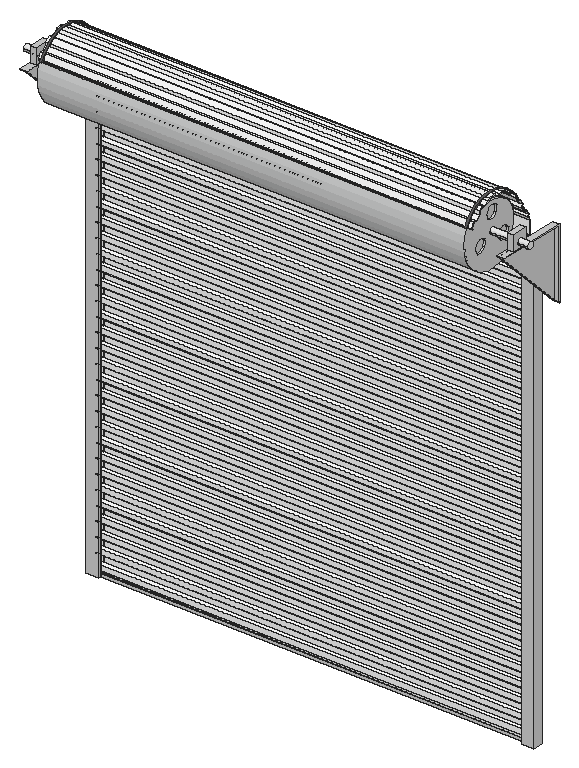
Revit family "ProStar-Rolling-Steel-Sheet-Doors_OHD_Model-780CD-REV-A_compact", category Specialty Equipment, host Wall, Revit 2023 (continued)
Definition of nested family "Operator"
  Forms (in)
    Extrusion 12, void
      sketch origin (10.25478, 8.722, -21.287) x (1, 0, 0) y (0, 0, 1)
        loop
          line (1.483, -0.25) -> (-1.483, -0.25)
          arc (-1.483, -0.25) -> (-1.65978, -0.32322) -> (-1.733, -0.5) r 0.25
          line (-1.733, -0.5) -> (-1.733, -5.2)
          arc (-1.733, -5.2) -> (-1.65978, -5.37678) -> (-1.483, -5.45) r 0.25
          line (-1.483, -5.45) -> (-1.436, -5.45)
          arc (-1.436, -5.45) -> (-1.3643, -5.47261) -> (-1.31854, -5.53225) r 0.125
          line (-1.31854, -5.53225) -> (-0.88341, -6.72775)
          arc (-0.88341, -6.72775) -> (-0.83765, -6.78739) -> (-0.76595, -6.81) r 0.125
          line (-0.76595, -6.81) -> (0.76595, -6.81)
          arc (0.76595, -6.81) -> (0.83765, -6.78739) -> (0.88341, -6.72775) r 0.125
          line (0.88341, -6.72775) -> (1.31854, -5.53225)
          arc (1.31854, -5.53225) -> (1.3643, -5.47261) -> (1.436, -5.45) r 0.125
          line (1.436, -5.45) -> (1.483, -5.45)
          arc (1.483, -5.45) -> (1.65978, -5.37678) -> (1.733, -5.2) r 0.25
          line (1.733, -5.2) -> (1.733, -0.5)
          arc (1.733, -0.5) -> (1.65978, -0.32322) -> (1.483, -0.25) r 0.25
      from 5.30399 to 6.38271
    Extrusion 13, solid, material <- "Main Color", visible <- "Electric Operator RLD"
      sketch origin (10.25478, 8.722, -21.287) x (1, 0, 0) y (0, 0, 1)
        loop
          arc (-1.483, -0.35) -> (-1.58907, -0.39393) -> (-1.633, -0.5) r 0.15
          line (-1.633, -0.5) -> (-1.633, -5.1)
          arc (-1.633, -5.1) -> (-1.58907, -5.20607) -> (-1.483, -5.25) r 0.15
          line (-1.483, -5.25) -> (1.483, -5.25)
          arc (1.483, -5.25) -> (1.58907, -5.20607) -> (1.633, -5.1) r 0.15
          line (1.633, -5.1) -> (1.633, -0.5)
          arc (1.633, -0.5) -> (1.58907, -0.39393) -> (1.483, -0.35) r 0.15
          line (1.483, -0.35) -> (-1.483, -0.35)
      from 5.30399 to 6.46979
    Revolve 14, solid, material <- "Main Color", visible <- "Electric Operator RLD"
      sketch origin (10.25478, 8.722, -21.287) x (1, 0, 0) y (0, 0, 1)
        loop
          line (-2.7335, 0) -> (-2.7335, 1.1) -> (-4.3055, 1.1) -> (-4.3055, 0.5) -> (-5.9165, 0.5) -> (-5.9165, 0) -> (-2.7335, 0)
        loop
          line (2.7335, 0.624) -> (2.7335, 0) -> (3.4305, 0) -> (3.4305, 0.624) -> (2.7335, 0.624)
        axis (-5.9165, 0) -> (3.4305, 0)
      angle from 0 to 360
    Extrusion 15, solid, material <- "Main Color", visible <- "Electric Operator RLD"
      sketch origin (10.25478, 8.722, -21.287) x (1, 0, 0) y (0, 1, 0)
        loop
          line (4.5845, 1.967) -> (4.5845, 2.77)
          arc (4.5845, 2.77) -> (4.51128, 2.94678) -> (4.3345, 3.02) r 0.25
          line (4.3345, 3.02) -> (2.9835, 3.02)
          arc (2.9835, 3.02) -> (2.80672, 2.94678) -> (2.7335, 2.77) r 0.25
          line (2.7335, 2.77) -> (2.7335, 1.1) -> (2.8085, 1.1) -> (2.8085, 2.77)
          arc (2.8085, 2.77) -> (2.85976, 2.89374) -> (2.9835, 2.945) r 0.175
          line (2.9835, 2.945) -> (4.3345, 2.945)
          arc (4.3345, 2.945) -> (4.45824, 2.89374) -> (4.5095, 2.77) r 0.175
          line (4.5095, 2.77) -> (4.5095, 1.967) -> (4.5845, 1.967)
        loop
          line (-4.5845, 1.967) -> (-4.5095, 1.967) -> (-4.5095, 2.77)
          arc (-4.5095, 2.77) -> (-4.45824, 2.89374) -> (-4.3345, 2.945) r 0.175
          line (-4.3345, 2.945) -> (-2.9835, 2.945)
          arc (-2.9835, 2.945) -> (-2.85976, 2.89374) -> (-2.8085, 2.77) r 0.175
          line (-2.8085, 2.77) -> (-2.8085, 1.1) -> (-2.7335, 1.1) -> (-2.7335, 2.77)
          arc (-2.7335, 2.77) -> (-2.80672, 2.94678) -> (-2.9835, 3.02) r 0.25
          line (-2.9835, 3.02) -> (-4.3345, 3.02)
          arc (-4.3345, 3.02) -> (-4.51128, 2.94678) -> (-4.5845, 2.77) r 0.25
          line (-4.5845, 2.77) -> (-4.5845, 1.967)
      from -9.168 to 1.9316
    Extrusion 16, void
      sketch origin (14.83928, 10.689, -21.287) x (0, 1, 0) y (0, 0, 1)
        loop
          line (1.053, 0.1746) -> (0.753, 0.1746) -> (0, -0.5784) -> (0, -6.658) -> (0.753, -7.411) -> (1.053, -7.411) -> (1.053, 0.1746)
        loop
          line (-0.867, 1.9316) -> (-0.867, -9.8661) -> (1.54655, -9.8661) -> (1.54655, 1.9316) -> (-0.867, 1.9316)
      from 0 to -0.25
    Extrusion 17, void
      sketch origin (5.67028, -9.00507, -22.287) x (0, -1, 0) y (0, 0, -1)
        loop
          line (-20.74707, -1.1746) -> (-20.44707, -1.1746) -> (-19.69407, -0.4216) -> (-19.69407, 5.658) -> (-20.44707, 6.411) -> (-20.74707, 6.411) -> (-20.74707, -1.1746)
        loop
          line (-18.82707, -2.9316) -> (-18.82707, 8.8661) -> (-21.24062, 8.8661) -> (-21.24062, -2.9316) -> (-18.82707, -2.9316)
      from 0 to 0.25
  Cuts and joins
    joined: Extrusion 3, Extrusion 6
    Extrusion 9, SweptBlend 10, SweptBlend 11, Extrusion 12 cuts Extrusion 8
    SweptBlend 11 cuts Extrusion 13
    Extrusion 16, Extrusion 17 cuts Extrusion 15
  Lines and regions (in)
    Masking region 1, visible <- "Chain Hoist"
      outline origin (0, 0, 0) x (1, 0, 0) y (0, 1, 0)
        loop
          line (4.25, 4.325) -> (4.25, -4.325) -> (5.75, -4.325) -> (5.75, 4.325) -> (4.25, 4.325)
    Masking region 2, visible <- "Electrical Operator RMZ"
      outline origin (10.5, 11.742, -24) x (1, 0, 0) y (0, 1, 0)
        loop
          line (4.3125, -7.27045) -> (2.48828, -7.27045) -> (2.48828, -0.12) -> (4.5, -0.12) -> (4.5, 0) -> (-3, 0) -> (-3, -0.12) -> (-2.48828, -0.12) -> (-2.48828, -7.27045) -> (-3, -7.27045) -> (-3, -10.70282)
          arc (-3, -10.70282) -> (0.61574, -10.86777) -> (4.21974, -10.53323) r 26.22103
          arc (4.21974, -10.53323) -> (4.44116, -10.40823) -> (4.5289, -10.16958) r 0.36846
          line (4.5289, -10.16958) -> (4.5289, -9.91303) -> (4.3125, -9.91303) -> (4.3125, -7.27045)
    Masking region 3, visible <- "Electrical Operator RMZ"
      outline origin (10.5, 11.742, -24) x (1, 0, 0) y (0, 1, 0)
        loop
          line (-8, -3.25) -> (-8, -4.25) -> (-4.5, -4.25) -> (-4.5, -3.25) -> (-8, -3.25)
        loop
          line (8, -3.25) -> (2.48828, -3.25) -> (2.48828, -4.25) -> (8, -4.25) -> (8, -3.25)
        loop
          line (-3, -3.25) -> (-3, -4.25) -> (-2.48828, -4.25) -> (-2.48828, -3.25) -> (-3, -3.25)
    Masking region 4, visible <- "Electric Operator RLD"
      outline origin (10.25478, 8.722, -21.287) x (1, 0, 0) y (0, 1, 0)
        loop
          line (-4.3055, -0.5) -> (-4.3055, -1.1) -> (-4.25478, -1.1) -> (-4.25478, 1.10009) -> (-4.3055, 1.10009) -> (-4.3055, 0.5) -> (-5.9165, 0.5) -> (-5.9165, -0.5) -> (-4.3055, -0.5)
        loop
          line (-4.5095, 1.967) -> (-4.5095, 2.77)
          arc (-4.5095, 2.77) -> (-4.45824, 2.89374) -> (-4.3345, 2.945) r 0.175
          line (-4.3345, 2.945) -> (-4.25478, 2.945) -> (-4.25478, 3.02) -> (-4.3345, 3.02)
          arc (-4.3345, 3.02) -> (-4.51128, 2.94678) -> (-4.5845, 2.77) r 0.25
          line (-4.5845, 2.77) -> (-4.5845, 1.967) -> (-4.5095, 1.967)
        loop
          spline (-2.75478, -5.7571) -> (-2.68756, -5.78061) -> (-2.6201, -5.80354) -> (-2.55241, -5.82587) -> (-2.48449, -5.84762) -> (-2.41637, -5.86877) -> (-2.34804, -5.88932) -> (-2.27952, -5.90927) -> (-2.21081, -5.92862) -> (-2.14194, -5.94737) -> (-2.07289, -5.9655) -> (-2.00369, -5.98302) -> (-1.93435, -5.99993)
          spline (-1.93435, -5.99993) -> (-1.86766, -6.01559) -> (-1.80084, -6.0307) -> (-1.7339, -6.04526) -> (-1.66684, -6.05927) -> (-1.59967, -6.07273) -> (-1.53239, -6.08563) -> (-1.465, -6.09798) -> (-1.39752, -6.10977) -> (-1.32994, -6.121) -> (-1.26228, -6.13168) -> (-1.19452, -6.14181) -> (-1.12669, -6.15137)
          spline (-1.12669, -6.15137) -> (-1.11508, -6.14657) -> (-1.10347, -6.14176) -> (-1.09186, -6.13694) -> (-1.08026, -6.13211) -> (-1.06865, -6.12727) -> (-1.05705, -6.12242) -> (-1.04544, -6.11756) -> (-1.03384, -6.11269) -> (-1.02223, -6.10782) -> (-1.01063, -6.10293) -> (-0.99903, -6.09804) -> (-0.98742, -6.09313)
          arc (-0.98742, -6.09313) -> (0.00011, -6.14753) -> (0.98765, -6.09311) r 8.98829
          spline (0.98765, -6.09311) -> (0.99923, -6.098) -> (1.01081, -6.10289) -> (1.0224, -6.10777) -> (1.03398, -6.11263) -> (1.04557, -6.11749) -> (1.05715, -6.12234) -> (1.06873, -6.12718) -> (1.08032, -6.13201) -> (1.09191, -6.13683) -> (1.10349, -6.14165) -> (1.11508, -6.14645) -> (1.12667, -6.15124)
          spline (1.12667, -6.15124) -> (1.26316, -6.13142) -> (1.39931, -6.10933) -> (1.53507, -6.08499) -> (1.67041, -6.0584) -> (1.80529, -6.02958) -> (1.93968, -5.99852) -> (2.07353, -5.96524) -> (2.20681, -5.92975) -> (2.33948, -5.89205) -> (2.47151, -5.85215) -> (2.60286, -5.81008) -> (2.7335, -5.76583)
          line (2.7335, -5.76583) -> (2.7335, -0.624) -> (3.4305, -0.624) -> (3.4305, 0.624) -> (2.7335, 0.624) -> (2.7335, 1.1) -> (2.8085, 1.1) -> (2.8085, 2.77)
          arc (2.8085, 2.77) -> (2.85976, 2.89374) -> (2.9835, 2.945) r 0.175
          line (2.9835, 2.945) -> (4.3345, 2.945)
          arc (4.3345, 2.945) -> (4.45824, 2.89374) -> (4.5095, 2.77) r 0.175
          line (4.5095, 2.77) -> (4.5095, 1.967) -> (4.5845, 1.967) -> (4.5845, 2.77)
          arc (4.5845, 2.77) -> (4.51128, 2.94678) -> (4.3345, 3.02) r 0.25
          line (4.3345, 3.02) -> (2.9835, 3.02)
          arc (2.9835, 3.02) -> (2.80672, 2.94678) -> (2.7335, 2.77) r 0.25
          line (2.7335, 2.77) -> (2.7335, 2.57) -> (-2.75478, 2.57) -> (-2.75478, -5.7571)
    reference lines
      curve 1: line (10.5, 11.742, 0) -> (10.5, 11.742, 10)
      curve 2: line (10.5, 11.742, -24) -> (23.5, 11.742, -24)
      curve 6: line (10.25478, 8.722, -21.287) -> (22.25478, 8.722, -21.287)
    symbolic lines, visible <- "Electrical Operator RMZ"
      curve 3: line (8.01172, 11.742, -24) -> (8.01172, 4.47155, -24)
      curve 4: line (12.98828, 4.47155, -24) -> (12.98828, 11.742, -24)
      curve 5: line (8.01172, 4.47155, -24) -> (12.98828, 4.47155, -24)
    symbolic lines, visible <- "Electric Operator RLD"
      curve 7: line (5.94928, 9.82209, -21.287) -> (5.94928, 7.622, -21.287)
      curve 8: line (12.98828, 11.292, -21.287) -> (12.98828, 2.95617, -21.287)
      curve 9: line (8.62178, 3.12274, -21.287) -> (8.62178, 2.73627, -21.287)
      curve 10: spline (8.77157, 3.12221, -21.287) -> (8.75206, 3.12383, -21.287) -> (8.73287, 3.12519, -21.287) -> (8.71433, 3.1263, -21.287) -> (8.69676, 3.12711, -21.287) -> (8.68046, 3.12762, -21.287) -> (8.66572, 3.12783, -21.287) -> (8.65279, 3.12772, -21.287) -> (8.64189, 3.1273, -21.287) -> (8.63321, 3.12658, -21.287) -> (8.6269, 3.12557, -21.287) -> (8.62307, 3.12428, -21.287) -> (8.62178, 3.12274, -21.287)
      curve 11: arc (11.7399, 3.12237, -21.287) -> (10.25574, 3.06073, -21.287) -> (8.77157, 3.12221, -21.287) r 17.92155
      curve 12: spline (8.62178, 2.73627, -21.287) -> (8.62377, 2.73419, -21.287) -> (8.62821, 2.73172, -21.287) -> (8.63504, 2.72892, -21.287) -> (8.64413, 2.72582, -21.287) -> (8.65535, 2.72249, -21.287) -> (8.6685, 2.71896, -21.287) -> (8.68338, 2.71531, -21.287) -> (8.69974, 2.71159, -21.287) -> (8.7173, 2.70786, -21.287) -> (8.73579, 2.70418, -21.287) -> (8.7549, 2.70062, -21.287) -> (8.77431, 2.69723, -21.287)
      curve 13: arc (8.77431, 2.69723, -21.287) -> (10.25556, 2.57447, -21.287) -> (11.7368, 2.69749, -21.287) r 8.98829
      curve 14: spline (11.7368, 2.69749, -21.287) -> (11.75606, 2.70093, -21.287) -> (11.77501, 2.70453, -21.287) -> (11.79332, 2.70823, -21.287) -> (11.81071, 2.71197, -21.287) -> (11.82689, 2.71568, -21.287) -> (11.8416, 2.71931, -21.287) -> (11.8546, 2.7228, -21.287) -> (11.86569, 2.7261, -21.287) -> (11.87468, 2.72914, -21.287) -> (11.88142, 2.73188, -21.287) -> (11.88581, 2.73428, -21.287) -> (11.88778, 2.73629, -21.287)
      curve 15: line (11.88778, 2.73629, -21.287) -> (11.88778, 3.12275, -21.287)
      curve 16: spline (11.88778, 3.12275, -21.287) -> (11.88652, 3.1242, -21.287) -> (11.88275, 3.12542, -21.287) -> (11.87654, 3.12638, -21.287) -> (11.868, 3.12707, -21.287) -> (11.85726, 3.12747, -21.287) -> (11.84452, 3.12758, -21.287) -> (11.82999, 3.1274, -21.287) -> (11.81391, 3.12693, -21.287) -> (11.79656, 3.12618, -21.287) -> (11.77823, 3.12515, -21.287) -> (11.75924, 3.12388, -21.287) -> (11.7399, 3.12237, -21.287)
      curve 17: arc (7.52128, 3.40999, -21.287) -> (10.25478, 3.312, -21.287) -> (12.98828, 3.40999, -21.287) r 38.174
  Dimensions and locks (in)
    Extrusion 1 sketch curve to Extrusion 1 sketch curve = 8.65"
    plane 3 "Center (Left/Right)" to plane 4 = 3 1/4"
    "Floor To CL": level to plane 6
    locked: plane 7 to plane 6 at 30
    "Chain Offset": level to Sweep 2 sketch curve  (x2)
    locked: plane 1 "Center (Front/Back)" to plane 8 at 11.742
    locked: curve 1 to curve 1 at 10
    locked: curve 2 to curve 2 at 13
    locked: level to curve 2 at 24
    "C H Offset": plane 1 "Center (Front/Back)" to Extrusion 7 sketch curve
    "C V Offset": level to Extrusion 7 sketch curve
    locked: curve 6 to curve 6 at 12
    locked: Extrusion 8 sketch curve to Extrusion 8 sketch curve at 14.55
    locked: Extrusion 8 sketch curve to curve 6 at 2.182
    locked: Extrusion 8 sketch curve to Extrusion 8 sketch curve at 5.467
    Extrusion 8 sketch curve to Extrusion 8 sketch curve = 5.467"
    locked: SweptBlend 11 sketch curve to curve 6 at 6.24
    locked: SweptBlend 10 sketch curve to curve 6 at 6.24
    locked: plane 9 to SweptBlend 10 sketch curve at 5.998
    locked: SweptBlend 10 sketch curve to SweptBlend 10 sketch curve at 6.37
    locked: SweptBlend 11 sketch curve to plane 9 at 2.182
    locked: SweptBlend 11 sketch curve to SweptBlend 11 sketch curve at 8.36382
    locked: level to plane 9 at 21.287
    locked: plane 8 to curve 6 at 3.02
    locked: Extrusion 15 sketch curve to Extrusion 15 sketch curve at 0.075  (x6)
    locked: Extrusion 15 sketch curve to Extrusion 15 sketch curve at 1.053  (x2)
    locked: Extrusion 15 sketch curve to Extrusion 15 sketch curve at 1.92  (x2)
    locked: Extrusion 3 sketch curve to Extrusion 3 sketch curve at 19.875
    locked: curve 2 to Extrusion 3 sketch curve at 3.875
    radius of Extrusion 8 sketch curve = 0.296"  (x4)
    radius of Extrusion 9 sketch curve = 1/4"  (x2)
    radius of Extrusion 9 sketch curve = 0.21"  (x2)
    radius of Extrusion 12 sketch curve = 1/4"  (x4)
    radius of Extrusion 12 sketch curve = 1/8"  (x4)
    radius of Extrusion 15 sketch curve = 1/4"  (x4)
    radius of Extrusion 15 sketch curve = 0.175"  (x4)
    aligned and locked: plane 2 to level
    aligned and locked: Extrusion 1 to plane 5 "1"
    aligned and locked: plane 7 to Sweep 2 sketch curve  (x2)
    aligned and locked: Masking region 1 sketch curve to Extrusion 1  (x4)
    aligned and locked: level to curve 1
    aligned and locked: Extrusion 7 to plane 3 "Center (Left/Right)"
    aligned and locked: Revolve 14 sketch curve to curve 6
    aligned and locked: Revolve 14 sketch curve to Revolve 14 sketch curve
  Automatic sketch dimensions
    plane 1 "Center (Front/Back)" to Extrusion 1 sketch curve = 4.325"
    plane 1 "Center (Front/Back)" to Extrusion 1 sketch curve = 1 1/2"
    Extrusion 1 sketch curve to plane 1 "Center (Front/Back)" = 1 1/2"
    Extrusion 1 sketch curve to level = 10.72"
    Extrusion 1 sketch curve to Extrusion 1 sketch curve = 1.50208"  (x2)
    level to Extrusion 1 sketch curve = 1.68"
    profile plane to Sweep 2 sketch curve = 0"
    plane 5 "1" to Sweep 2 sketch curve = 3/4"
    plane 5 "1" to curve 1 = 6 1/4"
    curve 1 to Extrusion 3 sketch curve = 2 125/256"
    Extrusion 3 sketch curve to curve 1 = 2 125/256"
    curve 2 to curve 1 = 0"
    Extrusion 4 sketch curve to curve 2 = 0"
    curve 2 to Extrusion 4 sketch curve = 0"
    Extrusion 4 sketch curve to curve 2 = 4 1/2"
    Extrusion 4 sketch curve to Extrusion 4 sketch curve = 2 3/256"  (x2)
    curve 2 to Extrusion 4 sketch curve = 2 125/256"
    curve 2 to Extrusion 4 sketch curve = 0.12"  (x2)
    Extrusion 5 sketch curve to curve 2 = 0"
    curve 2 to Extrusion 5 sketch curve = 15.34603"
    Extrusion 5 sketch curve to curve 2 = 4.16044"
    Extrusion 5 sketch curve to Extrusion 5 sketch curve = 0.15206"  (x2)
    Extrusion 5 sketch curve to Extrusion 5 sketch curve = 0.2164"  (x2)
    curve 2 to Extrusion 5 sketch curve = 4.16044"
    Extrusion 5 sketch curve to curve 2 = 7.27045"
    Extrusion 5 sketch curve to Extrusion 5 sketch curve = 2.64258"  (x2)
    Extrusion 5 sketch curve to Extrusion 5 sketch curve = 0.25654"  (x2)
    Extrusion 5 sketch curve to Extrusion 5 sketch curve = 0"
    Masking region 2 sketch curve to curve 2 = 0"  (x2)
    curve 2 to Masking region 2 sketch curve = 15.34603"
    curve 2 to Masking region 2 sketch curve = 0.12"  (x2)
    Masking region 2 sketch curve to curve 2 = 2 125/256"
    Masking region 2 sketch curve to Masking region 2 sketch curve = 131/256"  (x2)
    curve 2 to Masking region 2 sketch curve = 2 125/256"
    Masking region 2 sketch curve to Masking region 2 sketch curve = 1.67216"
    Masking region 2 sketch curve to Masking region 2 sketch curve = 0.15206"
    Masking region 2 sketch curve to Masking region 2 sketch curve = 2 3/256"
    Masking region 2 sketch curve to Masking region 2 sketch curve = 0.2164"
    Masking region 2 sketch curve to curve 2 = 7.27045"  (x2)
    Masking region 2 sketch curve to Masking region 2 sketch curve = 2.64258"
    Masking region 2 sketch curve to Masking region 2 sketch curve = 0.25654"
    Masking region 2 sketch curve to curve 2 = 10.70282"
    curve 3 to curve 2 = 0"
    curve 2 to curve 4 = 0"
    curve 3 to curve 2 = 2 125/256"
    curve 2 to curve 5 = 2 125/256"
    curve 5 to curve 2 = 7.27045"
    Masking region 3 sketch curve to curve 2 = 8"
    Masking region 3 sketch curve to Masking region 3 sketch curve = 3 1/2"
    Masking region 3 sketch curve to Masking region 3 sketch curve = 1 1/2"
    Masking region 3 sketch curve to Masking region 3 sketch curve = 131/256"
    curve 2 to Masking region 3 sketch curve = 2 125/256"
    Masking region 3 sketch curve to curve 2 = 5"
    Masking region 3 sketch curve to curve 2 = 4 1/4"  (x2)
    curve 2 to Masking region 3 sketch curve = 4 1/4"
    Masking region 3 sketch curve to Masking region 3 sketch curve = 1"  (x3)
    Extrusion 8 sketch curve to curve 6 = 2.7335"
    Extrusion 9 sketch curve to curve 6 = 2.7335"
    Extrusion 9 sketch curve to Extrusion 9 sketch curve = 0.1335"  (x2)
    curve 6 to Extrusion 9 sketch curve = 0.145"
    curve 6 to Extrusion 9 sketch curve = 2.14"
    Extrusion 9 sketch curve to Extrusion 9 sketch curve = 0.5935"
    Extrusion 9 sketch curve to Extrusion 9 sketch curve = 1.19"  (x2)
    Extrusion 9 sketch curve to Extrusion 9 sketch curve = 2.465"
    SweptBlend 10 sketch curve to profile plane = 14.7335"  (x2)
    SweptBlend 10 sketch curve to SweptBlend 10 sketch curve = 2.46374"  (x2)
    SweptBlend 10 sketch curve to SweptBlend 10 sketch curve = 0.26976"  (x4)
    profile plane to SweptBlend 10 sketch curve = 2.007"
    SweptBlend 10 sketch curve to SweptBlend 10 sketch curve = 5.467"  (x2)
    SweptBlend 10 sketch curve to profile plane = 1.743"  (x2)
    SweptBlend 10 sketch curve to SweptBlend 10 sketch curve = 7.83"
    SweptBlend 10 sketch curve to SweptBlend 10 sketch curve = 0.37887"  (x2)
    SweptBlend 10 sketch curve to profile plane = 1.25556"
    profile plane to SweptBlend 10 sketch curve = 3.24"
    SweptBlend 10 sketch curve to profile plane = 0.46716"  (x2)
    SweptBlend 10 sketch curve to SweptBlend 10 sketch curve = 7.87284"
    SweptBlend 10 sketch curve to SweptBlend 10 sketch curve = 0.33603"  (x2)
    SweptBlend 10 sketch curve to SweptBlend 10 sketch curve = 0.33034"
    SweptBlend 11 sketch curve to profile plane = 12"
    profile plane to SweptBlend 11 sketch curve = 39.004"
    profile plane to SweptBlend 11 sketch curve = 0.92799"  (x2)
    SweptBlend 11 sketch curve to profile plane = 0.32201"
    SweptBlend 11 sketch curve to profile plane = 14.7335"  (x2)
    profile plane to SweptBlend 11 sketch curve = 8.23084"
    profile plane to SweptBlend 11 sketch curve = 0.46716"  (x2)
    SweptBlend 11 sketch curve to profile plane = 0.78284"
    SweptBlend 11 sketch curve to SweptBlend 11 sketch curve = 2.7335"
    Extrusion 12 sketch curve to curve 6 = 1.733"
    Extrusion 12 sketch curve to Extrusion 12 sketch curve = 0.047"
    Extrusion 12 sketch curve to Extrusion 12 sketch curve = 0.11746"  (x2)
    Extrusion 12 sketch curve to curve 6 = 0.88341"
    curve 6 to Extrusion 12 sketch curve = 0.76595"
    Extrusion 12 sketch curve to Extrusion 12 sketch curve = 0.43513"
    curve 6 to Extrusion 12 sketch curve = 1/2"
    curve 6 to Extrusion 12 sketch curve = 1.483"
    Extrusion 12 sketch curve to curve 6 = 5.2"
    Extrusion 12 sketch curve to Extrusion 12 sketch curve = 0"
    curve 6 to Extrusion 13 sketch curve = 1/2"  (x2)
    Extrusion 13 sketch curve to curve 6 = 1.633"
    Extrusion 13 sketch curve to Extrusion 13 sketch curve = 0.15"  (x2)
    curve 6 to Extrusion 13 sketch curve = 1.483"  (x2)
    Extrusion 13 sketch curve to curve 6 = 5.1"
    Revolve 14 sketch curve to curve 6 = 0"  (x2)
    Revolve 14 sketch curve to curve 6 = 0.624"
    curve 6 to Revolve 14 sketch curve = 3.4305"
    Revolve 14 sketch curve to Revolve 14 sketch curve = 0.697"
    Revolve 14 sketch curve to curve 6 = 2.7335"
    Revolve 14 sketch curve to Revolve 14 sketch curve = 1.572"
    Revolve 14 sketch curve to Revolve 14 sketch curve = 1.611"
    Revolve 14 sketch curve to curve 6 = 1/2"
    Revolve 14 sketch curve to Revolve 14 sketch curve = 0.6"
    Revolve 14 sketch curve to Revolve 14 sketch curve = 1.5835"
    plane 5 "1" to curve 6 = 6.00478"
    Extrusion 15 sketch curve to Extrusion 15 sketch curve = 0"  (x8)
    Extrusion 15 sketch curve to curve 6 = 4.5845"
    Extrusion 15 sketch curve to Extrusion 15 sketch curve = 1.351"  (x2)
    Extrusion 15 sketch curve to curve 6 = 1.1"  (x2)
    curve 6 to Extrusion 15 sketch curve = 2.7335"
    Extrusion 16 sketch curve to Extrusion 15 = 0"  (x2)
    Extrusion 16 sketch curve to Extrusion 15 = 0.867"
    Extrusion 15 to Extrusion 16 sketch curve = 0.05"  (x2)
    Extrusion 16 sketch curve to Extrusion 15 = 1/4"
    Extrusion 16 sketch curve to Extrusion 15 = 0.74355"
    Extrusion 15 to Extrusion 16 sketch curve = 1.757"
    Extrusion 16 sketch curve to Extrusion 16 sketch curve = 0.753"  (x2)
    Extrusion 15 to Extrusion 16 sketch curve = 2.51"
    Extrusion 16 sketch curve to Extrusion 15 = 0.6981"
    Extrusion 15 to Extrusion 17 sketch curve = 0"
    Extrusion 17 sketch curve to Extrusion 15 = 0"
    Extrusion 15 to Extrusion 17 sketch curve = 0.867"
    Extrusion 17 sketch curve to Extrusion 15 = 0.05"  (x2)
    Extrusion 15 to Extrusion 17 sketch curve = 1/4"
    Extrusion 15 to Extrusion 17 sketch curve = 0.74355"
    Extrusion 15 to Extrusion 17 sketch curve = 1.757"
    Extrusion 17 sketch curve to Extrusion 17 sketch curve = 0.753"  (x2)
    Extrusion 15 to Extrusion 17 sketch curve = 2.51"
    Extrusion 17 sketch curve to Extrusion 15 = 0.6981"
    Extrusion 6 sketch curve to plane 8 = 3 3/4"
    Extrusion 6 sketch curve to plane 9 = 2.718"
    Masking region 4 sketch curve to Masking region 4 sketch curve = 0"  (x9)
    Masking region 4 sketch curve to curve 6 = 0"
    curve 6 to Masking region 4 sketch curve = 2.84076"
    Masking region 4 sketch curve to curve 6 = 2.75478"
    curve 6 to Masking region 4 sketch curve = 1/2"
    Masking region 4 sketch curve to Masking region 4 sketch curve = 1.55072"
    Masking region 4 sketch curve to Masking region 4 sketch curve = 1 1/2"
    Masking region 4 sketch curve to Masking region 4 sketch curve = 0.05072"  (x2)
    Masking region 4 sketch curve to Masking region 4 sketch curve = 0.07972"
    Masking region 4 sketch curve to Masking region 4 sketch curve = 0.175"  (x3)
    Masking region 4 sketch curve to Masking region 4 sketch curve = 0.075"  (x3)
    Masking region 4 sketch curve to curve 6 = 1/2"
    Masking region 4 sketch curve to Masking region 4 sketch curve = 1.611"
    curve 6 to Masking region 4 sketch curve = 2.7335"
    Masking region 4 sketch curve to Masking region 4 sketch curve = 0.697"
    Masking region 4 sketch curve to Masking region 4 sketch curve = 1.351"
    curve 6 to Masking region 4 sketch curve = 0.624"
    Masking region 4 sketch curve to curve 6 = 5.7571"
    Masking region 4 sketch curve to Masking region 4 sketch curve = 5.14183"
    Masking region 4 sketch curve to curve 6 = 0.624"
    Masking region 4 sketch curve to Masking region 4 sketch curve = 0.476"
    Masking region 4 sketch curve to Masking region 4 sketch curve = 0.60009"
    Masking region 4 sketch curve to Masking region 4 sketch curve = 0.86691"
    Masking region 4 sketch curve to Masking region 4 sketch curve = 1.343"
    Masking region 4 sketch curve to Masking region 4 sketch curve = 0.603"
    Masking region 4 sketch curve to Masking region 4 sketch curve = 0.803"
    Masking region 4 sketch curve to Masking region 4 sketch curve = 0.2"
    Masking region 4 sketch curve to curve 6 = 0.00107"
    Masking region 4 sketch curve to curve 6 = 0.95087"
    Masking region 4 sketch curve to curve 6 = 0.98742"
    Masking region 4 sketch curve to Masking region 4 sketch curve = 0.13926"
    Masking region 4 sketch curve to Masking region 4 sketch curve = 0.80766"
    Masking region 4 sketch curve to curve 6 = 0.0014"
    Masking region 4 sketch curve to Masking region 4 sketch curve = 0.90539"
    Masking region 4 sketch curve to curve 6 = 7.10094"
    Masking region 4 sketch curve to Masking region 4 sketch curve = 1.49709"
    curve 6 to Masking region 4 sketch curve = 0.00104"
    curve 6 to Masking region 4 sketch curve = 0.98765"
    Masking region 4 sketch curve to Masking region 4 sketch curve = 0.13902"
    Masking region 4 sketch curve to curve 6 = 4.89907"
    Masking region 4 sketch curve to curve 6 = 2.16329"
    Masking region 4 sketch curve to Masking region 4 sketch curve = 3.73425"
    Masking region 4 sketch curve to Masking region 4 sketch curve = 0.05814"
    Masking region 4 sketch curve to Masking region 4 sketch curve = 0.05824"
    Masking region 4 sketch curve to Masking region 4 sketch curve = 1.61386"
    Masking region 4 sketch curve to Masking region 4 sketch curve = 1.62272"
    Masking region 4 sketch curve to Masking region 4 sketch curve = 0.6"
    curve 11 to curve 6 = 0"
    curve 13 to curve 6 = 0"
    curve 17 to curve 6 = 0"
    curve 6 to curve 13 = 2.84076"
    curve 6 to curve 11 = 12.26028"
    curve 6 to curve 17 = 32.764"
    curve 9 to curve 6 = 1.633"
    curve 6 to curve 15 = 1.633"
    curve 15 to curve 6 = 5.98571"
    curve 9 to curve 6 = 5.98573"
    curve 9 to curve 12 = 0.30379"
    curve 12 to curve 12 = 0.15126"
    curve 12 to curve 12 = 0.00068"
    curve 9 to curve 10 = 0.14979"
    curve 10 to curve 10 = 0.00108"
    curve 9 to curve 10 = 0"  (x3)
    curve 17 to curve 10 = 1.1005"
    curve 7 to curve 6 = 1.10009"
    curve 7 to curve 6 = 4.3055"
    curve 16 to curve 15 = 0.29752"
    curve 14 to curve 14 = 0.15176"
    curve 14 to curve 13 = 0.00077"
    curve 16 to curve 15 = 0.14876"
    curve 16 to curve 11 = 0.00088"
    curve 16 to curve 15 = 0"  (x2)
    curve 15 to curve 14 = 0.0001"
    curve 6 to curve 8 = 2.7335"
    curve 8 to curve 6 = 2.57"
    curve 6 to curve 7 = 1.1"
    curve 12 to curve 17 = 0.67372"
    curve 12 to curve 10 = 0.38656"
    curve 16 to curve 15 = 0.00037"
    curve 9 to curve 10 = 0.00009"
    curve 8 to curve 17 = 0.45382"
    curve 15 to curve 14 = 0.00072"
    Sweep 2 sketch curve to plane 1 "Center (Front/Back)" = 0"
    Sweep 2 sketch curve to Sweep 2 sketch curve = 2.9125"
    radius of Sweep 2 sketch curve = 0.3"
    radius of Extrusion 6 sketch curve = 1/2"
    radius of Extrusion 7 sketch curve = 1"
Types (5): name | Voltage Real | Voltage | Motor Type Selection Real | Motor Type | Manual | Frequency | Electrical Operator Real | Electrical Operator RMZ | Electric Operator RLD | Current | Chain Hoist | Apparent Load Phase 1
  ‏​Manual push-up | 0 V | 0 V | 2 | "Manual" | yes | 0 Hz | no | no | no | 0 A | no | 0 VA
  Chain Hoist | 0 V | 0 V | 2 | "Chain Hoist" | yes | 0 Hz | no | no | no | 0 A | yes | 0 VA
  115 volts, one phase, 60 Hz (110-120V range) | 115 V | 120 V | 1 | "RLD Wall Mount" | no | 60 Hz | yes | no | yes | 4 A | no | 480 VA
  208 volts, one phase, 60 Hz (190-207V range) | 208 V | 208 V | 2 | "RMZ Wall Mount" | no | 60 Hz | yes | yes | no | 20 A | no | 4160 VA
  230 volts, one phase, 60 Hz (208-245V range) | 230 V | 230 V | 2 | "RMZ Wall Mount" | no | 60 Hz | yes | yes | no | 20 A | no | 4600 VA
